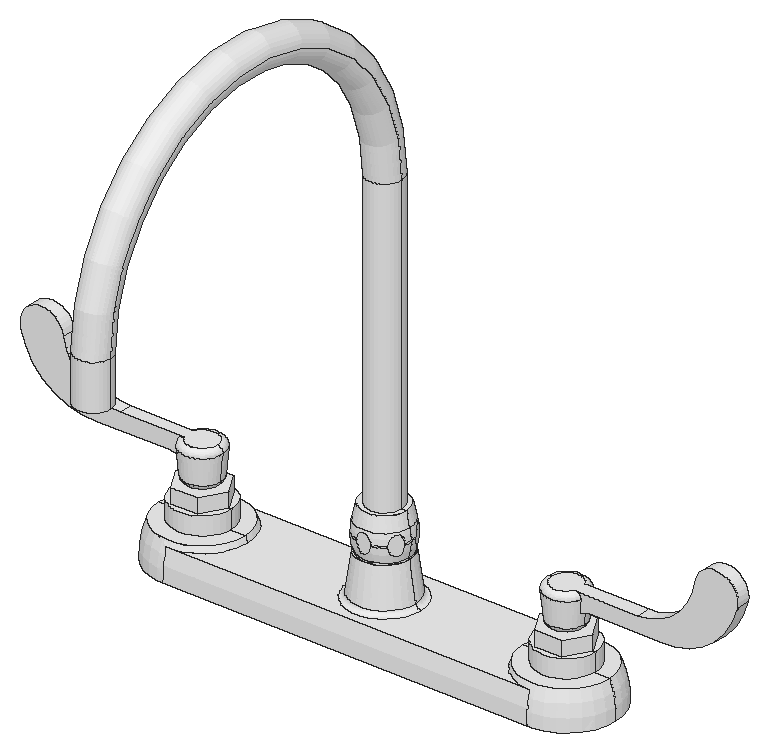
Revit family "Faucet-Two_Handle-American_Standard-Monterrey-6409180.002", category Plumbing Fixtures, Revit 2019
Family settings
  Round Connector Dimension = Use Diameter
  Part Type = Normal
  OmniClass Number = 23.45.55.17
  OmniClass Title = Mixing Faucets
  Work Plane-Based = Yes
  Always vertical = No
  Cut with Voids When Loaded = No
  Shared = Yes
  Room Calculation Point = No
Parameters (values of type "6409180.002")
  Width = 15 3/4"
  Waste Connection = no
  WFU = 2  # constant formula
  Vent Connection = no
  URL = "http://www.americanstandard-us.com/"
  Revised Date = "09/23/2022"  # constant formula
  Product Page URL = "https://www.americanstandard-us.com/Mechanical-Commercial-Fittings/Monterrey-Top-Mount-Kitchen-Faucet-With-Gooseneck-Spout-and-Wrist-Blade-Handles-15-gpm-57-Lpf-Laminar-Flow-in-Spout-Base/CHROME-6409180002"
  Product Documentation Link = "https://americanstandard.box.com/shared/static/6372oyzjgkjbtdob1y2blmmvz4baxk4f.pdf"
  Model = "6409180.002"
  Material = "Brass-American Standard-002-Polished Chrome"
  Manufacturer = "American Standard"
  Length = 8"
  L10 1.0 gpm (3.8 Lpm) PCA Non-Aerated Laminar Flow Outlet = no
  Installation Type = "Deck Mounted"
  Hot Water Connection Diameter = 1/2"
  Height = 13 3/8"
  HWFU = 1.5  # constant formula
  HW Connection = yes
  Flow Rate = "1.5gpm (5.7L/min)"
  Finish = Brass-American Standard-002-Polished Chrome
  Description = "Monterrey® Top Mount Kitchen Faucet With Gooseneck Spout and Wrist Blade Handles 1.5 gpm/5.7 Lpf Laminar Flow in Spout Base"
  Default Elevation = 0"
  Creation Date = "01/15/2015"  # constant formula
  Compliance Certifications = "These products meet or exceed the following codes and standards: ASME A112.18.1, CSA B125.1\r\nNSF 61/Section 9, Annex G\r\nCALGreen"
  Cold Water Connection Diameter = 1/2"
  CalGreen Compliant = yes
  CWFU = 1.5  # constant formula
  CW Connection = yes
  Assembly Code = "D2020300"
  ADA Compliant = yes
Reference planes (in)
  plane 1 "Center (Front/Back)": y = 0
  plane 2: z = 0
  plane 3 "Center (Left/Right)": x = 0
  plane 4: x = -7.875
  plane 5: x = 7.875
  plane 6: y = -8
  plane 7: z = 8
  plane 8: z = 13.375
  plane 9: x = -4
  plane 10: x = 4
  plane 11: z = 3.875
  plane 12: z = 1.98486
  plane 13: z = 2.23486
  plane 14: z = 1.73486
Forms (in)
  Extrusion 1, solid, material "Brass-American Standard-002-Polished Chrome" <- "Finish"
    sketch origin (0, 11.85444, -0.05554) x (1, 0, 0) y (0, 0, 1)
      loop
        arc (-6.92994, 3.4865) -> (-7.49096, 3.89142) -> (-7.875, 3.3159) r 0.48049
        arc (-7.875, 3.3159) -> (-7.25442, 2.38025) -> (-6.17732, 2.06334) r 1.63938
        line (-6.17732, 2.06334) -> (-4.62476, 2.06334)
        arc (-4.62476, 2.06334) -> (-4.38663, 2.00617) -> (-4.20041, 1.84713) r 0.52452
        line (-4.20041, 1.84713) -> (-4, 1.84713) -> (-4, 2.41325) -> (-5.69249, 2.41325)
        arc (-5.69249, 2.41325) -> (-6.51151, 2.71894) -> (-6.92994, 3.4865) r 1.25
    from 11.71762 to 12
  Revolve 2, solid, material "Brass-American Standard-002-Polished Chrome" <- "Finish"
    sketch origin (0, 0, 0) x (1, 0, 0) y (0, 0, 1)
      loop
        line (0, 2.52781) -> (-0.48954, 2.52781) -> (-0.56362, 2.21806)
        arc (-0.56362, 2.21806) -> (-0.58471, 2.10226) -> (-0.59306, 1.98486) r 1.07909
        line (-0.59306, 1.98486) -> (-0.59306, 1.9518)
        arc (-0.59306, 1.9518) -> (-0.57892, 1.78631) -> (-0.5369, 1.62563) r 0.9753
        line (-0.5369, 1.62563) -> (-0.5369, 1.58927) -> (-0.56768, 1.58927) -> (-0.68293, 0.76921)
        arc (-0.68293, 0.76921) -> (-0.72146, 0.69825) -> (-0.79709, 0.66997) r 0.11528
        line (-0.79709, 0.66997) -> (0, 0.66997) -> (0, 2.52781)
      axis (0, 2.52781) -> (0, 0.66997)
    angle from 0 to 360
  Sweep 3, solid, material "Brass-American Standard-002-Polished Chrome" <- "Finish"
    path origin (0, 0, 0) x (0, 1, 0) y (0, 0, 1)
      loop
        line (0, 2.52781) -> (0, 8.99609)
        arc (0, 8.99609) -> (-4, 12.99609) -> (-8, 8.99609) r 4
        line (-8, 8.99609) -> (-8, 8)
    profile origin (0, 0, 5.76195) x (0, -1, 0) y (1, 0, 0)
      loop
        circle (0, 0) r 0.37856
  Revolve 4, solid, material "Brass-American Standard-002-Polished Chrome" <- "Finish"
    sketch origin (0, 0, 0) x (1, 0, 0) y (0, 0, 1)
      loop
        line (-5.08914, 0) -> (-4, 0) -> (-4, 2.35771) -> (-4.32791, 2.35771)
        arc (-4.32791, 2.35771) -> (-4.42046, 2.31672) -> (-4.45232, 2.22064) r 0.125
        line (-4.45232, 2.22064) -> (-4.39778, 1.65818)
        arc (-4.39778, 1.65818) -> (-4.36565, 1.59419) -> (-4.29886, 1.56839) r 0.09938
        line (-4.29886, 1.56839) -> (-4.17228, 1.56839) -> (-4.17228, 1.20607) -> (-4.64189, 1.20607) -> (-4.64189, 0.81957) -> (-4.47411, 0.81957) -> (-4.47411, 0.78818) -> (-4.95016, 0.78818)
        arc (-4.95016, 0.78818) -> (-5.06509, 0.4021) -> (-5.08914, 0) r 1.75852
      axis (-4, 2.35771) -> (-4, 0)
    angle from 0 to 360
  Extrusion 5, solid, material "Brass-American Standard-002-Polished Chrome" <- "Finish"
    sketch origin (0, 0, 0) x (1, 0, 0) y (0, 1, 0)
      loop
        line (-4.28868, 0.5) -> (-4.57735, 0) -> (-4.28868, -0.5) -> (-3.71132, -0.5) -> (-3.42265, 0) -> (-3.71132, 0.5) -> (-4.28868, 0.5)
    from 1.20607 to 1.5248
  Extrusion 6, solid, material "Brass-American Standard-002-Polished Chrome" <- "Finish"
    sketch origin (0, 11.85444, -0.05554) x (-1, 0, 0) y (0, 0, -1)
      loop
        arc (-6.92994, -3.4865) -> (-6.51151, -2.71894) -> (-5.69249, -2.41325) r 1.25
        line (-5.69249, -2.41325) -> (-4, -2.41325) -> (-4, -1.84713) -> (-4.20041, -1.84713)
        arc (-4.20041, -1.84713) -> (-4.38663, -2.00617) -> (-4.62476, -2.06334) r 0.52452
        line (-4.62476, -2.06334) -> (-6.17732, -2.06334)
        arc (-6.17732, -2.06334) -> (-7.25442, -2.38025) -> (-7.875, -3.3159) r 1.63938
        arc (-7.875, -3.3159) -> (-7.49096, -3.89142) -> (-6.92994, -3.4865) r 0.48049
    from 11.71762 to 12
  Revolve 7, solid, material "Brass-American Standard-002-Polished Chrome" <- "Finish"
    sketch origin (0, 0, 0) x (-1, 0, 0) y (0, 0, 1)
      loop
        line (-5.08914, 0) -> (-4, 0) -> (-4, 2.35771) -> (-4.32791, 2.35771)
        arc (-4.32791, 2.35771) -> (-4.42046, 2.31672) -> (-4.45232, 2.22064) r 0.125
        line (-4.45232, 2.22064) -> (-4.39778, 1.65818)
        arc (-4.39778, 1.65818) -> (-4.36565, 1.59419) -> (-4.29886, 1.56839) r 0.09938
        line (-4.29886, 1.56839) -> (-4.17228, 1.56839) -> (-4.17228, 1.20607) -> (-4.64189, 1.20607) -> (-4.64189, 0.81957) -> (-4.47411, 0.81957) -> (-4.47411, 0.78818) -> (-4.95016, 0.78818)
        arc (-4.95016, 0.78818) -> (-5.06509, 0.4021) -> (-5.08914, 0) r 1.75852
      axis (-4, 2.35771) -> (-4, 0)
    angle from 0 to 360
  Extrusion 8, solid, material "Brass-American Standard-002-Polished Chrome" <- "Finish"
    sketch origin (0, 0, 0) x (-1, 0, 0) y (0, -1, 0)
      loop
        line (-4.28868, -0.5) -> (-3.71132, -0.5) -> (-3.42265, 0) -> (-3.71132, 0.5) -> (-4.28868, 0.5) -> (-4.57735, 0) -> (-4.28868, -0.5)
    from 1.20607 to 1.5248
  Extrusion 9, solid, material "Brass-American Standard-002-Polished Chrome" <- "Finish"
    sketch origin (0, 0, 0) x (0, 1, 0) y (0, 0, 1)
      loop
        arc (1.08914, 0) -> (1.07496, 0.33952) -> (0.99575, 0.66997) r 1.75852
        line (0.99575, 0.66997) -> (-0.99575, 0.66997)
        arc (-0.99575, 0.66997) -> (-1.07496, 0.33952) -> (-1.08914, 0) r 1.75852
        line (-1.08914, 0) -> (1.08914, 0)
    from -4 to 4
  Extrusion 10, void
    sketch origin (0, 0, 0) x (1, 0, 0) y (0, 0, 1)
      loop
        circle (0, 1.98486) r 0.25
    from 0.57169 to 0.63871
  Extrusion 11, void
    sketch origin (0, 0, 0) x (0.5, -0.866025, 0) y (0, 0, 1)
      loop
        circle (0, 1.98486) r 0.25
    from 0.57169 to 0.63871
  Extrusion 12, void
    sketch origin (0, 0, 0) x (-0.5, -0.866025, 0) y (0, 0, -1)
      loop
        circle (0, -1.98486) r 0.25
    from 0.57169 to 0.63871
  Extrusion 13, void
    sketch origin (0, 0, 0) x (1, 0, 0) y (0, 0, -1)
      loop
        circle (0, -1.98486) r 0.25
    from 0.57169 to 0.63871
  Extrusion 14, void
    sketch origin (0, 0, 0) x (0.5, 0.866025, 0) y (0, 0, -1)
      loop
        circle (0, -1.98486) r 0.25
    from 0.57169 to 0.63871
  Extrusion 15, void
    sketch origin (0, 0, 0) x (-0.5, 0.866025, 0) y (0, 0, 1)
      loop
        circle (0, 1.98486) r 0.25
    from 0.57169 to 0.63871
  Revolve 16, solid, material "Brass-American Standard-002-Polished Chrome" <- "Finish"
    sketch origin (0, 0, 0) x (1, 0, 0) y (0, 0, 1)
      loop
        line (-4, 0.33703) -> (-4.25, 0.33703) -> (-4.25, 0) -> (-4, 0) -> (-4, 0.33703)
      axis (-4, 0.33703) -> (-4, 0)
    angle from 0 to 360
  Revolve 17, solid, material "Brass-American Standard-002-Polished Chrome" <- "Finish"
    sketch origin (0, 0, 0) x (-1, 0, 0) y (0, 0, 1)
      loop
        line (-4, 0.33703) -> (-4.25, 0.33703) -> (-4.25, 0) -> (-4, 0) -> (-4, 0.33703)
      axis (-4, 0.33703) -> (-4, 0)
    angle from 0 to 360
Cuts and joins
  Extrusion 10, Extrusion 11, Extrusion 12, Extrusion 13, Extrusion 14, Extrusion 15 cuts Extrusion 1
  Extrusion 10, Extrusion 11, Extrusion 12, Extrusion 13, Extrusion 14, Extrusion 15 cuts Revolve 4
  Extrusion 10, Extrusion 11, Extrusion 12, Extrusion 13, Extrusion 14, Extrusion 15 cuts Extrusion 5
  Extrusion 10, Extrusion 11, Extrusion 12, Extrusion 13, Extrusion 14, Extrusion 15 cuts Extrusion 9
  joined: Extrusion 1, Revolve 4, Extrusion 5, Extrusion 6, Revolve 7, Extrusion 9
  Extrusion 10, Extrusion 11, Extrusion 12, Extrusion 13, Extrusion 14, Extrusion 15 cuts Revolve 2
Lines and regions (in)
  Masking region 1
    outline origin (0, 0, 0) x (1, 0, 0) y (0, 1, 0)
      loop
        line (-5.08051, 0.13682) -> (-7.8861, 0.13682) -> (-7.8861, -0.14556) -> (-5.07937, -0.14556)
        arc (-5.07937, -0.14556) -> (-4.71683, -0.81999) -> (-4, -1.08914) r 1.08914
        line (-4, -1.08914) -> (-0.37856, -1.08914) -> (-0.37856, -8)
        arc (-0.37856, -8) -> (0, -8.37856) -> (0.37856, -8) r 0.37856
        line (0.37856, -8) -> (0.37856, -1.08914) -> (4, -1.08914)
        arc (4, -1.08914) -> (4.71683, -0.81999) -> (5.07937, -0.14556) r 1.08914
        line (5.07937, -0.14556) -> (7.8861, -0.14556) -> (7.8861, 0.13682) -> (5.08051, 0.13682)
        arc (5.08051, 0.13682) -> (4.72014, 0.81708) -> (4, 1.08914) r 1.08914
        line (4, 1.08914) -> (-4, 1.08914)
        arc (-4, 1.08914) -> (-4.72014, 0.81708) -> (-5.08051, 0.13682) r 1.08914
  symbolic lines, style "PlumbingFixtures", detail levels medium+fine
    curve 1: arc (0.37856, -0.70146, 0) -> (0, 0.79709, 0) -> (-0.37856, -0.70146, 0) r 0.79709
    curve 3: arc (0.37856, 0, 0) -> (0, 0.37856, 0) -> (-0.37856, 0, 0) r 0.37856
    curve 4: line (-0.37856, 0, 0) -> (-0.37856, -1.08914, 0)
    curve 5: line (0.37856, 0, 0) -> (0.37856, -1.08914, 0)
    curve 6: arc (4, 1.08914, 0) -> (2.91086, 0, 0) -> (4, -1.08914, 0) r 1.08914
    curve 7: line (4, 0.13682, 0) -> (4, -0.14556, 0)
    curve 8: line (4, -0.14556, 0) -> (5.07937, -0.14556, 0)
    curve 9: line (4, 0.13682, 0) -> (5.07937, 0.13682, 0)
    curve 16: arc (4.43366, 0.13682, 0) -> (3.54529, 0.0046, 0) -> (4.43081, -0.14556, 0) r 0.45474
    curve 17: arc (4.62714, 0.13682, 0) -> (3.35812, 0.00448, 0) -> (4.62517, -0.14556, 0) r 0.64189
    curve 18: arc (-4, 1.08914, 0) -> (-2.91086, 0, 0) -> (-4, -1.08914, 0) r 1.08914
    curve 19: line (-4, 0.13682, 0) -> (-4, -0.14556, 0)
    curve 20: line (-4, -0.14556, 0) -> (-5.07937, -0.14556, 0)
    curve 21: line (-4, 0.13682, 0) -> (-5.07937, 0.13682, 0)
    curve 28: arc (-4.43366, 0.13682, 0) -> (-3.54529, 0.0046, 0) -> (-4.43081, -0.14556, 0) r 0.45474
    curve 29: arc (-4.62714, 0.13682, 0) -> (-3.35812, 0.00448, 0) -> (-4.62517, -0.14556, 0) r 0.64189
  symbolic lines, style "PlumbingFixtures", detail levels fine
    curve 2: arc (0.37856, -0.31039, 0) -> (0, 0.48954, 0) -> (-0.37856, -0.31039, 0) r 0.48954
    curve 10: line (3.71132, 0.5, 0) -> (3.42265, 0, 0)
    curve 11: line (4.28868, 0.5, 0) -> (3.71132, 0.5, 0)
    curve 12: line (4.49836, 0.13682, 0) -> (4.28868, 0.5, 0)
    curve 13: line (4.28868, -0.5, 0) -> (4.49331, -0.14556, 0)
    curve 14: line (3.71132, -0.5, 0) -> (4.28868, -0.5, 0)
    curve 15: line (3.42265, 0, 0) -> (3.71132, -0.5, 0)
    curve 22: line (-3.71132, 0.5, 0) -> (-3.42265, 0, 0)
    curve 23: line (-4.28868, 0.5, 0) -> (-3.71132, 0.5, 0)
    curve 24: line (-4.49836, 0.13682, 0) -> (-4.28868, 0.5, 0)
    curve 25: line (-4.28868, -0.5, 0) -> (-4.49331, -0.14556, 0)
    curve 26: line (-3.71132, -0.5, 0) -> (-4.28868, -0.5, 0)
    curve 27: line (-3.42265, 0, 0) -> (-3.71132, -0.5, 0)
Dimensions and locks (in)
  "Length": plane 1 "Center (Front/Back)" to plane 6
  plane 7 to level = 8"
  "Height": plane 8 to level
  "Width": plane 5 to plane 4
  plane 9 to plane 3 "Center (Left/Right)" to plane 10 = 4", 4"
  aligned and locked: plane 9 to Revolve 16 sketch curve
Automatic sketch dimensions
  curve 1 to curve 2 = 0"  (x2)
  curve 1 to curve 3 = 0"  (x2)
  curve 2 to curve 3 = 0"  (x2)
  curve 6 to curve 16 = 0"  (x2)
  curve 6 to curve 17 = 0"  (x2)
  curve 16 to curve 17 = 0"  (x2)
  curve 18 to curve 28 = 0"  (x2)
  curve 18 to curve 29 = 0"  (x2)
  curve 28 to curve 29 = 0"  (x2)
  curve 20 to plane 9 = 0"
  curve 18 to plane 9 = 0"  (x2)
  plane 1 "Center (Front/Back)" to curve 22 = 0"
  plane 1 "Center (Front/Back)" to curve 3 = 0"
  curve 1 to plane 3 "Center (Left/Right)" = 0"
  plane 1 "Center (Front/Back)" to curve 10 = 0"
  plane 1 "Center (Front/Back)" to curve 17 = 0"
  curve 17 to plane 10 = 0"
  curve 7 to plane 10 = 0"
  plane 1 "Center (Front/Back)" to curve 29 = 0"
  plane 9 to curve 24 = 0.28868"
  plane 9 to curve 25 = 0.28868"
  curve 26 to plane 9 = 0.28868"
  curve 22 to plane 9 = 0.28868"
  curve 22 to curve 22 = 0.28868"
  curve 4 to plane 3 "Center (Left/Right)" = 0.37856"
  curve 10 to plane 10 = 0.57735"
  curve 14 to plane 10 = 0.28868"
  curve 10 to plane 10 = 0.28868"
  plane 10 to curve 12 = 0.28868"
  plane 10 to curve 13 = 0.28868"
  plane 1 "Center (Front/Back)" to curve 20 = 0.14556"
  plane 1 "Center (Front/Back)" to curve 8 = 0.14556"
  curve 13 to curve 16 = 0.35444"
  curve 25 to curve 28 = 0.35444"
  curve 6 to curve 7 = 0.13682"
  curve 18 to curve 19 = 0.13682"
  curve 28 to curve 24 = 0.36318"
  curve 7 to curve 11 = 0.36318"
  curve 28 to curve 25 = 0.14213"
  curve 25 to curve 28 = 1/16"
  curve 24 to curve 28 = 0.06469"
  curve 29 to curve 25 = 0.13186"
  curve 21 to curve 29 = 0.45222"
  curve 20 to curve 21 = 0"
  curve 6 to plane 10 = 0"
  curve 13 to curve 16 = 0.14213"
  curve 16 to curve 13 = 1/16"
  curve 16 to curve 12 = 0.06469"
  curve 13 to curve 17 = 0.13186"
  curve 17 to curve 9 = 0.45222"
  curve 8 to curve 9 = 0"
  curve 2 to curve 5 = 0.31039"
  curve 1 to curve 2 = 0.39107"
  curve 4 to curve 1 = 0.38768"
  curve 18 to curve 26 = 0.58914"
  curve 6 to curve 14 = 0.58914"
  curve 5 to curve 1 = 0.38768"
  Extrusion 1 sketch curve to plane 4 = 0"
  plane 9 to Extrusion 1 sketch curve = 0"
  plane 4 to Extrusion 1 sketch curve = 0.4694"
  Extrusion 1 sketch curve to plane 11 = 0.23111"
  Extrusion 1 sketch curve to Extrusion 1 sketch curve = 1.12449"
  plane 12 to Extrusion 1 sketch curve = 0.02294"
  Extrusion 1 sketch curve to Extrusion 1 sketch curve = 0.10379"
  plane 13 to Extrusion 1 sketch curve = 0.12285"
  Extrusion 1 sketch curve to Extrusion 1 sketch curve = 0.48482"
  plane 9 to Extrusion 1 sketch curve = 0.62476"
  Extrusion 1 sketch curve to plane 14 = 0.05673"
  plane 9 to Extrusion 1 sketch curve = 0.20041"
  Extrusion 1 sketch curve to Extrusion 1 sketch curve = 0.10266"
  Extrusion 1 sketch curve to plane 11 = 0.26729"
  Revolve 2 sketch curve to plane 12 = 0"
  Revolve 2 sketch curve to plane 3 "Center (Left/Right)" = 0"  (x2)
  Revolve 2 sketch curve to plane 3 "Center (Left/Right)" = 0.48954"
  plane 14 to Revolve 2 sketch curve = 0.10923"
  Revolve 2 sketch curve to plane 3 "Center (Left/Right)" = 0.5369"
  Revolve 2 sketch curve to plane 13 = 0.0168"
  Revolve 2 sketch curve to Revolve 2 sketch curve = 0.07407"
  plane 14 to Revolve 2 sketch curve = 0.14559"
  Revolve 2 sketch curve to Revolve 2 sketch curve = 0.03078"
  Revolve 2 sketch curve to Revolve 2 sketch curve = 0.02944"
  Revolve 2 sketch curve to plane 3 "Center (Left/Right)" = 0.68293"
  Revolve 2 sketch curve to Revolve 2 sketch curve = 0.11416"
  Revolve 2 sketch curve to plane 12 = 0.03306"
  Revolve 2 sketch curve to plane 12 = 0.01777"
  level to Revolve 2 sketch curve = 0.78526"
  Revolve 2 sketch curve to Revolve 2 sketch curve = 0.01604"
  plane 13 to Revolve 2 sketch curve = 75/256"
  level to Revolve 2 sketch curve = 0.27781"
  Revolve 2 sketch curve to plane 11 = 0.34719"
  Sweep 3 sketch curve to plane 6 = 0"
  Sweep 3 sketch curve to plane 1 "Center (Front/Back)" = 0"
  Sweep 3 sketch curve to plane 7 = 0"
  plane 7 to Sweep 3 sketch curve = 255/256"
  plane 13 to Sweep 3 sketch curve = 75/256"
  Sweep 3 sketch curve to profile plane = 0"  (x2)
  Revolve 4 sketch curve to level = 0"
  plane 9 to Revolve 4 sketch curve = 0"  (x2)
  plane 9 to Revolve 4 sketch curve = 0.17228"
  plane 14 to Revolve 4 sketch curve = 0.06709"
  Revolve 4 sketch curve to Revolve 4 sketch curve = 0.12658"
  Revolve 4 sketch curve to plane 13 = 0.00215"
  plane 9 to Revolve 4 sketch curve = 0.32791"
  plane 14 to Revolve 4 sketch curve = 0.07668"
  Revolve 4 sketch curve to Revolve 4 sketch curve = 0.09892"
  Revolve 4 sketch curve to plane 13 = 0.01422"
  Revolve 4 sketch curve to Revolve 4 sketch curve = 0.12442"
  plane 9 to Revolve 4 sketch curve = 0.47411"
  Revolve 4 sketch curve to Revolve 4 sketch curve = 0.16778"
  Revolve 4 sketch curve to Revolve 4 sketch curve = 0.30827"
  Revolve 4 sketch curve to Revolve 4 sketch curve = 0.13898"
  level to Revolve 4 sketch curve = 0.09674"
  Revolve 4 sketch curve to plane 9 = 0.66672"
  Revolve 4 sketch curve to Revolve 4 sketch curve = 0.0314"
  Revolve 4 sketch curve to Revolve 4 sketch curve = 0.3865"
  Revolve 4 sketch curve to level = 0.17825"
  Revolve 4 sketch curve to Revolve 4 sketch curve = 0.45282"
  Extrusion 6 sketch curve to plane 5 = 0"
  Extrusion 6 sketch curve to plane 10 = 0"
  Extrusion 6 sketch curve to plane 5 = 0.4694"
  Extrusion 6 sketch curve to plane 11 = 0.23111"
  Extrusion 6 sketch curve to Extrusion 6 sketch curve = 1.12449"
  plane 12 to Extrusion 6 sketch curve = 0.02294"
  Extrusion 6 sketch curve to Extrusion 6 sketch curve = 0.10379"
  plane 13 to Extrusion 6 sketch curve = 0.12285"
  Extrusion 6 sketch curve to Extrusion 6 sketch curve = 0.48482"
  plane 10 to Extrusion 6 sketch curve = 0.62476"
  Extrusion 6 sketch curve to plane 14 = 0.05673"
  plane 10 to Extrusion 6 sketch curve = 0.20041"
  Extrusion 6 sketch curve to plane 11 = 0.26729"
  Extrusion 6 sketch curve to Extrusion 6 sketch curve = 0.10266"
  Revolve 7 sketch curve to level = 0"
  Revolve 7 sketch curve to plane 10 = 0"  (x2)
  Revolve 7 sketch curve to plane 10 = 0.17228"
  Revolve 7 sketch curve to plane 14 = 0.06709"
  Revolve 7 sketch curve to Revolve 7 sketch curve = 0.12658"
  plane 13 to Revolve 7 sketch curve = 0.00215"
  Revolve 7 sketch curve to plane 10 = 0.32791"
  Revolve 7 sketch curve to plane 14 = 0.07668"
  Revolve 7 sketch curve to Revolve 7 sketch curve = 0.09892"
  plane 13 to Revolve 7 sketch curve = 0.01422"
  Revolve 7 sketch curve to Revolve 7 sketch curve = 0.12442"
  Revolve 7 sketch curve to plane 10 = 0.47411"
  Revolve 7 sketch curve to Revolve 7 sketch curve = 0.16778"
  Revolve 7 sketch curve to Revolve 7 sketch curve = 0.30827"
  Revolve 7 sketch curve to Revolve 7 sketch curve = 0.13898"
  Revolve 7 sketch curve to level = 0.09674"
  plane 10 to Revolve 7 sketch curve = 0.66672"
  Revolve 7 sketch curve to Revolve 7 sketch curve = 0.0314"
  Revolve 7 sketch curve to Revolve 7 sketch curve = 0.3865"
  level to Revolve 7 sketch curve = 0.17825"
  Revolve 7 sketch curve to Revolve 7 sketch curve = 0.45282"
  plane 1 "Center (Front/Back)" to Extrusion 8 sketch curve = 0"  (x2)
  Extrusion 8 sketch curve to plane 10 = 0.57735"
  Extrusion 8 sketch curve to plane 10 = 0.28868"  (x2)
  plane 10 to Extrusion 8 sketch curve = 0.28868"  (x2)
  Extrusion 8 sketch curve to Extrusion 8 sketch curve = 0.28868"
  Extrusion 8 sketch curve to plane 1 "Center (Front/Back)" = 1/2"
  plane 1 "Center (Front/Back)" to Extrusion 8 sketch curve = 1/2"
  Extrusion 9 sketch curve to level = 0"
  plane 1 "Center (Front/Back)" to Extrusion 9 sketch curve = 1.08914"
  Extrusion 9 sketch curve to Extrusion 9 sketch curve = 0.09339"
  level to Extrusion 9 sketch curve = 0.09674"  (x2)
  Extrusion 9 sketch curve to Extrusion 9 sketch curve = 0.42242"
  Extrusion 9 sketch curve to plane 1 "Center (Front/Back)" = 0.66672"
  Extrusion 9 sketch curve to Extrusion 9 sketch curve = 0.32903"
  Extrusion 10 sketch curve to plane 3 "Center (Left/Right)" = 0"
  Extrusion 10 sketch curve to plane 12 = 0"
  Extrusion 11 sketch curve to plane 12 = 0"
  Extrusion 12 sketch curve to plane 12 = 0"
  Extrusion 13 sketch curve to plane 3 "Center (Left/Right)" = 0"
  Extrusion 13 sketch curve to plane 12 = 0"
  plane 12 to Extrusion 14 sketch curve = 0"
  plane 12 to Extrusion 15 sketch curve = 0"
  Masking region 1 sketch curve to Masking region 1 sketch curve = 0"  (x4)
  Masking region 1 sketch curve to plane 9 = 0"
  plane 6 to Masking region 1 sketch curve = 0"
  Masking region 1 sketch curve to plane 3 "Center (Left/Right)" = 0"
  plane 1 "Center (Front/Back)" to Masking region 1 sketch curve = 0"  (x2)
  Masking region 1 sketch curve to plane 10 = 0"
  plane 1 "Center (Front/Back)" to Masking region 1 sketch curve = 0.14556"  (x2)
  plane 9 to Masking region 1 sketch curve = 1.07937"
  Masking region 1 sketch curve to plane 1 "Center (Front/Back)" = 0.13682"  (x2)
  Masking region 1 sketch curve to Masking region 1 sketch curve = 0.00114"
  Masking region 1 sketch curve to plane 4 = 0.0111"
  Masking region 1 sketch curve to plane 3 "Center (Left/Right)" = 0.37856"
  plane 10 to Masking region 1 sketch curve = 1.07937"
  plane 5 to Masking region 1 sketch curve = 0.0111"
  Revolve 16 sketch curve to level = 0"
  plane 9 to Revolve 16 sketch curve = 0"
  Revolve 16 sketch curve to Revolve 16 sketch curve = 1/4"
  Revolve 16 sketch curve to Revolve 16 sketch curve = 0.33703"
  Revolve 16 sketch curve to level = 0.48953"
  Revolve 16 sketch curve to Revolve 16 sketch curve = 0"
  Revolve 17 sketch curve to level = 0"
  Revolve 17 sketch curve to plane 10 = 0"  (x2)
  Revolve 17 sketch curve to plane 10 = 1/4"
  Revolve 17 sketch curve to Revolve 17 sketch curve = 0.33703"
  level to Revolve 17 sketch curve = 0.48953"
  Revolve 17 sketch curve to Revolve 17 sketch curve = 0"
  radius of Sweep 3 sketch curve = 0.37856"
  radius of Extrusion 10 sketch curve = 1/4"
  radius of Extrusion 11 sketch curve = 1/4"
  radius of Extrusion 12 sketch curve = 1/4"
  radius of Extrusion 13 sketch curve = 1/4"
  radius of Extrusion 14 sketch curve = 1/4"
  radius of Extrusion 15 sketch curve = 1/4"
Connectors (in)
  piping at (-4, 0, 0), diameter 0.5, driven by "Hot Water Connection Diameter", driven by "HWFU"
    settings: on Revolve 16, index 1, connector inside diameter 24", connector length 0", flow factor 0, pipe flow 0 GPM, pressure drop 0.00 psi, fitting loss kfactor 0, connector angle 0.00°, fixture units 1.5, engagement length 0", angle of deflection 0.00°, flow configuration 3, flow direction 1, fitting loss method 0, system type 19, joint type 0, gender type 0, connector reference index -1, connector utility 0, adjustable connector no, is connector primary yes, connector description "1/2\" HW Inlet Connection"
  piping at (4, 0, 0), diameter 0.5, driven by "Cold Water Connection Diameter", driven by "CWFU"
    settings: on Revolve 17, index 2, connector inside diameter 24", connector length 0", flow factor 0, pipe flow 0 GPM, pressure drop 0.00 psi, fitting loss kfactor 0, connector angle 0.00°, fixture units 1.5, engagement length 0", angle of deflection 0.00°, flow configuration 3, flow direction 1, fitting loss method 0, system type 20, joint type 0, gender type 0, connector reference index -1, connector utility 0, adjustable connector no, is connector primary no, connector description "1/2\" CW Inlet Connection"
